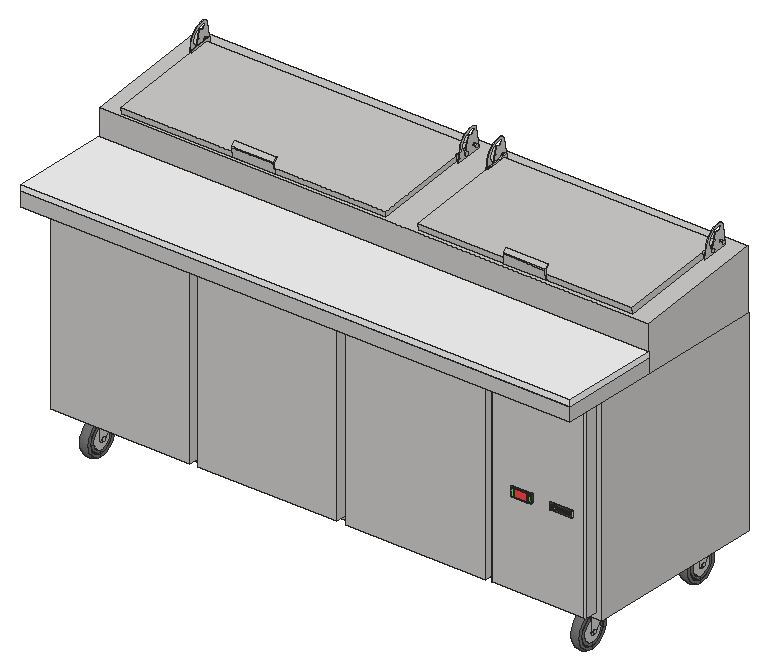
Revit family "QF_MACOM_RPTx-AITP", category Equipamento especial, Revit 2020 (continued)
Dimensions and locks
  aligned and locked: plane 17 to nested 18
  aligned and locked: Revolve 9 sketch curve to Revolve 9 sketch curve  (x2)
  aligned and locked: Revolve 10 sketch curve to Revolve 10 sketch curve
  aligned and locked: plane 1 "Centro (Frontal/Traseira)" to Revolve 9 sketch curve
  aligned and locked: curve 556 to Extrusion 4
  aligned and locked: curve 553 to Extrusion 1
  aligned and locked: plane 3 "Centro (Esquerda/Direita)" to curve 554
  aligned and locked: curve 555 to Extrusion 4
  aligned and locked: curve 557 to nested 18
  aligned and locked: curve 558 to nested 18
  aligned and locked: curve 559 to nested 18
  aligned and locked: curve 560 to nested 18
  aligned and locked: curve 561 to nested 18
  aligned and locked: curve 562 to nested 18
  aligned and locked: curve 563 to nested 18
  aligned and locked: curve 564 to nested 18
  aligned and locked: curve 566 to nested 18
  aligned and locked: curve 569 to nested 18
  aligned and locked: curve 575 to nested 19
  aligned and locked: curve 576 to nested 19
  aligned and locked: curve 577 to nested 19
  aligned and locked: curve 578 to nested 19
  aligned and locked: curve 579 to nested 19
  aligned and locked: curve 580 to nested 19
  aligned and locked: curve 581 to nested 19
  aligned and locked: curve 582 to nested 19
  aligned and locked: curve 588 to nested 19
  aligned and locked: curve 578 to curve 590
  aligned and locked: curve 593 to nested 17
  aligned and locked: curve 594 to nested 17
  aligned and locked: curve 595 to nested 17
  aligned and locked: curve 596 to nested 17
  aligned and locked: nested 17 to curve 600
  aligned and locked: curve 602 to curve 596
  aligned and locked: nested 17 to curve 604
  aligned and locked: curve 606 to curve 596
  aligned and locked: curve 607 to nested 16
  aligned and locked: curve 608 to nested 16
  aligned and locked: curve 609 to nested 16
  aligned and locked: curve 610 to nested 16
  aligned and locked: curve 611 to nested 16
  aligned and locked: curve 612 to nested 16
  aligned and locked: curve 613 to nested 16
  aligned and locked: curve 614 to nested 16
  aligned and locked: nested 16 to curve 616
  aligned and locked: curve 610 to curve 618
  aligned and locked: curve 620 to nested 16
  aligned and locked: curve 610 to curve 622
  aligned and locked: Revolve 10 to curve 624
  aligned and locked: Revolve 9 to curve 630
  aligned and locked: curve 565 to curve 572
  aligned and locked: curve 568 to curve 574
  aligned and locked: curve 648 to curve 560
  aligned and locked: curve 650 to cut or joined group of Extrusion 6, Extrusion 8
  aligned and locked: curve 649 to curve 594
  aligned and locked: curve 651 to Extrusion 3
  aligned and locked: plane 13 to Extrusion 5
  aligned and locked: Extrusion 5 to plane 3 "Centro (Esquerda/Direita)"
Automatic sketch dimensions
  Extrusion 2 sketch curve to Extrusion 1 = 0 mm
  Extrusion 2 sketch curve to Extrusion 2 sketch curve = 5 mm  (x2)
  Extrusion 1 to Extrusion 4 sketch curve = 0 mm
  Extrusion 6 to Extrusion 7 sketch curve = 0 mm  (x2)
  Extrusion 7 sketch curve to Extrusion 7 sketch curve = 0 mm  (x2)
  Extrusion 7 sketch curve to Extrusion 7 sketch curve = 46.92 mm
  Extrusion 7 sketch curve to Extrusion 7 sketch curve = 382.13 mm
  curve 552 to Extrusion 2 = 29 mm
  curve 549 to curve 540 = 0 mm
  curve 537 to curve 528 = 0 mm
  curve 525 to curve 516 = 0 mm
  curve 513 to curve 504 = 0 mm
  curve 9 to Extrusion 2 = 29 mm
  curve 501 to curve 492 = 0 mm
  curve 489 to curve 480 = 0 mm
  curve 477 to curve 468 = 0 mm
  curve 465 to curve 456 = 0 mm
  curve 453 to curve 444 = 0 mm
  curve 21 to curve 11 = 0 mm
  curve 441 to curve 432 = 0 mm
  curve 429 to curve 420 = 0 mm
  curve 417 to curve 408 = 0 mm
  curve 405 to curve 396 = 0 mm
  curve 393 to curve 384 = 0 mm
  curve 33 to curve 23 = 0 mm
  curve 381 to curve 372 = 0 mm
  curve 369 to curve 360 = 0 mm
  curve 357 to curve 348 = 0 mm
  curve 345 to curve 336 = 0 mm
  curve 333 to curve 324 = 0 mm
  curve 45 to curve 35 = 0 mm
  curve 321 to curve 312 = 0 mm
  curve 300 to Extrusion 2 = 29 mm
  curve 297 to curve 288 = 0 mm
  curve 285 to curve 276 = 0 mm
  curve 273 to curve 264 = 0 mm
  curve 57 to curve 47 = 0 mm
  curve 261 to curve 252 = 0 mm
  curve 249 to curve 240 = 0 mm
  curve 237 to curve 228 = 0 mm
  curve 225 to curve 216 = 0 mm
  curve 213 to curve 204 = 0 mm
  curve 69 to curve 59 = 0 mm
  curve 201 to curve 192 = 0 mm
  curve 189 to curve 180 = 0 mm
  curve 177 to curve 168 = 0 mm
  curve 165 to curve 156 = 0 mm
  curve 153 to curve 144 = 0 mm
  curve 81 to curve 71 = 0 mm
  curve 141 to curve 132 = 0 mm
  curve 129 to curve 120 = 0 mm
  curve 117 to curve 108 = 0 mm
  curve 105 to curve 96 = 0 mm
  curve 93 to curve 93 = 80 mm
  curve 551 to curve 551 = 80 mm
  curve 550 to curve 539 = 0 mm
  curve 537 to curve 527 = 0 mm
  curve 526 to curve 515 = 0 mm
  curve 93 to curve 9 = 0 mm
  curve 513 to curve 503 = 0 mm
  curve 105 to curve 94 = 0 mm
  curve 502 to curve 491 = 0 mm
  curve 489 to curve 479 = 0 mm
  curve 478 to curve 467 = 0 mm
  curve 465 to curve 455 = 0 mm
  curve 117 to curve 106 = 0 mm
  curve 21 to curve 10 = 0 mm
  curve 454 to curve 443 = 0 mm
  curve 441 to curve 431 = 0 mm
  curve 430 to curve 419 = 0 mm
  curve 417 to curve 407 = 0 mm
  curve 129 to curve 118 = 0 mm
  curve 406 to curve 395 = 0 mm
  curve 93 to curve 83 = 0 mm
  curve 33 to curve 22 = 0 mm
  curve 393 to curve 383 = 0 mm
  curve 382 to curve 371 = 0 mm
  curve 369 to curve 359 = 0 mm
  curve 141 to curve 130 = 0 mm
  curve 357 to curve 347 = 0 mm
  curve 345 to curve 335 = 0 mm
  curve 45 to curve 34 = 0 mm
  curve 333 to curve 323 = 0 mm
  curve 153 to curve 142 = 0 mm
  curve 321 to curve 311 = 0 mm
  curve 299 to curve 299 = 80 mm
  curve 297 to curve 287 = 0 mm
  curve 285 to curve 275 = 0 mm
  curve 57 to curve 46 = 0 mm
  curve 273 to curve 263 = 0 mm
  curve 165 to curve 154 = 0 mm
  curve 261 to curve 251 = 0 mm
  curve 249 to curve 239 = 0 mm
  curve 237 to curve 227 = 0 mm
  curve 225 to curve 215 = 0 mm
  curve 177 to curve 166 = 0 mm
  curve 69 to curve 58 = 0 mm
  curve 213 to curve 203 = 0 mm
  curve 201 to curve 191 = 0 mm
  curve 370 to curve 368 = 15 mm
  curve 189 to curve 185 = 15 mm
  curve 93 to curve 92 = 15 mm
  curve 550 to curve 548 = 15 mm
  curve 545 to curve 536 = 0 mm
  curve 9 to curve 5 = 15 mm
  curve 533 to curve 524 = 0 mm
  curve 101 to curve 91 = 0 mm
  curve 521 to curve 512 = 0 mm
  curve 197 to curve 187 = 0 mm
  curve 509 to curve 500 = 0 mm
  curve 89 to curve 68 = 0 mm
  curve 497 to curve 488 = 0 mm
  curve 485 to curve 476 = 0 mm
  curve 209 to curve 199 = 0 mm
  curve 17 to curve 7 = 0 mm
  curve 113 to curve 103 = 0 mm
  curve 473 to curve 464 = 0 mm
  curve 185 to curve 176 = 0 mm
  curve 461 to curve 452 = 0 mm
  curve 221 to curve 211 = 0 mm
  curve 449 to curve 440 = 0 mm
  curve 437 to curve 428 = 0 mm
  curve 125 to curve 115 = 0 mm
  curve 425 to curve 416 = 0 mm
  curve 29 to curve 19 = 0 mm
  curve 233 to curve 223 = 0 mm
  curve 413 to curve 404 = 0 mm
  curve 401 to curve 392 = 0 mm
  curve 389 to curve 380 = 0 mm
  curve 137 to curve 127 = 0 mm
  curve 245 to curve 235 = 0 mm
  curve 89 to curve 80 = 0 mm
  curve 365 to curve 356 = 0 mm
  curve 41 to curve 31 = 0 mm
  curve 353 to curve 344 = 0 mm
  curve 341 to curve 332 = 0 mm
  curve 257 to curve 247 = 0 mm  (x2)
  curve 149 to curve 139 = 0 mm  (x2)
  curve 329 to curve 320 = 0 mm
  curve 173 to curve 164 = 0 mm
  curve 65 to curve 56 = 0 mm
  curve 317 to curve 308 = 0 mm
  curve 298 to curve 296 = 15 mm
  curve 269 to curve 259 = 0 mm  (x2)
  curve 293 to curve 284 = 0 mm
  curve 413 to curve 414 = 80 mm
  curve 187 to curve 186 = 80 mm
  curve 185 to curve 91 = 0 mm
  curve 547 to curve 547 = 80 mm
  curve 281 to curve 186 = 0 mm
  curve 89 to curve 54 = 0 mm
  curve 185 to curve 161 = 0 mm
  curve 546 to curve 535 = 0 mm
  curve 53 to curve 5 = 0 mm
  curve 533 to curve 523 = 0 mm
  curve 293 to curve 282 = 0 mm
  curve 281 to curve 271 = 0 mm
  curve 101 to curve 90 = 0 mm
  curve 197 to curve 186 = 0 mm
  curve 522 to curve 511 = 0 mm
  curve 509 to curve 499 = 0 mm
  curve 305 to curve 305 = 80 mm
  curve 498 to curve 487 = 0 mm
  curve 89 to curve 78 = 0 mm
  curve 485 to curve 475 = 0 mm
  curve 209 to curve 198 = 0 mm
  curve 17 to curve 6 = 0 mm
  curve 113 to curve 102 = 0 mm
  curve 317 to curve 306 = 0 mm
  curve 161 to curve 151 = 0 mm
  curve 185 to curve 175 = 0 mm
  curve 474 to curve 463 = 0 mm
  curve 77 to curve 67 = 0 mm
  curve 329 to curve 318 = 0 mm
  curve 461 to curve 451 = 0 mm
  curve 221 to curve 210 = 0 mm
  curve 53 to curve 43 = 0 mm
  curve 450 to curve 439 = 0 mm
  curve 341 to curve 330 = 0 mm
  curve 437 to curve 427 = 0 mm
  curve 125 to curve 114 = 0 mm
  curve 29 to curve 18 = 0 mm
  curve 233 to curve 222 = 0 mm
  curve 353 to curve 342 = 0 mm
  curve 413 to curve 403 = 0 mm
  curve 402 to curve 391 = 0 mm
  curve 389 to curve 379 = 0 mm
  curve 365 to curve 354 = 0 mm
  curve 462 to curve 460 = 15 mm
  curve 5 to curve 1 = 15 mm
  curve 245 to curve 244 = 15 mm
  curve 41 to curve 37 = 15 mm
  curve 282 to curve 279 = 15 mm
  curve 366 to curve 364 = 15 mm
  curve 186 to curve 184 = 15 mm
  curve 373 to curve 363 = 0 mm
  curve 181 to curve 160 = 0 mm
  curve 546 to curve 544 = 15 mm
  curve 157 to curve 136 = 0 mm
  curve 101 to curve 97 = 15 mm
  curve 77 to curve 73 = 15 mm
  curve 385 to curve 376 = 0 mm
  curve 52 to curve 39 = 0 mm
  curve 541 to curve 532 = 0 mm
  curve 73 to curve 63 = 0 mm
  curve 181 to curve 171 = 0 mm
  curve 289 to curve 279 = 0 mm  (x2)
  curve 85 to curve 75 = 0 mm  (x2)
  curve 193 to curve 183 = 0 mm
  curve 397 to curve 387 = 0 mm
  curve 529 to curve 520 = 0 mm
  curve 361 to curve 352 = 0 mm
  curve 241 to curve 232 = 0 mm
  curve 37 to curve 28 = 0 mm
  curve 409 to curve 400 = 0 mm
  curve 305 to curve 301 = 15 mm
  curve 517 to curve 508 = 0 mm
  curve 145 to curve 135 = 0 mm
  curve 421 to curve 411 = 0 mm
  curve 277 to curve 268 = 0 mm
  curve 505 to curve 496 = 0 mm
  curve 253 to curve 243 = 0 mm
  curve 349 to curve 340 = 0 mm
  curve 133 to curve 124 = 0 mm
  curve 13 to curve 3 = 0 mm  (x2)
  curve 109 to curve 99 = 0 mm  (x2)
  curve 205 to curve 195 = 0 mm  (x2)
  curve 433 to curve 424 = 0 mm
  curve 493 to curve 484 = 0 mm
  curve 445 to curve 435 = 0 mm
  curve 313 to curve 303 = 0 mm  (x2)
  curve 481 to curve 472 = 0 mm
  curve 229 to curve 220 = 0 mm
  curve 325 to curve 315 = 0 mm  (x2)
  Extrusion 2 to curve 459 = 29 mm
  Extrusion 2 to curve 327 = 29 mm
  Extrusion 2 to curve 265 = 29 mm
  Extrusion 2 to curve 217 = 29 mm
  curve 265 to curve 255 = 0 mm
  curve 469 to curve 458 = 0 mm
  Extrusion 2 to curve 147 = 29 mm
  curve 457 to curve 447 = 0 mm
  Extrusion 2 to curve 49 = 29 mm
  Extrusion 2 to curve 87 = 29 mm
  curve 217 to curve 207 = 0 mm
  curve 145 to curve 121 = 0 mm
  curve 121 to curve 111 = 0 mm
  curve 49 to curve 15 = 0 mm
  curve 337 to curve 326 = 0 mm
  curve 481 to curve 470 = 0 mm
  curve 446 to curve 435 = 0 mm
  curve 25 to curve 14 = 0 mm
  curve 493 to curve 482 = 0 mm
  curve 61 to curve 50 = 0 mm
  curve 433 to curve 423 = 0 mm
  curve 205 to curve 181 = 0 mm
  curve 229 to curve 218 = 0 mm
  curve 181 to curve 169 = 0 mm
  curve 505 to curve 494 = 0 mm
  curve 349 to curve 338 = 0 mm
  curve 422 to curve 411 = 0 mm
  curve 157 to curve 146 = 0 mm
  curve 517 to curve 506 = 0 mm
  curve 409 to curve 399 = 0 mm
  curve 291 to curve 266 = 0 mm
  curve 49 to curve 39 = 0 mm
  curve 133 to curve 122 = 0 mm
  curve 529 to curve 518 = 0 mm
  curve 361 to curve 350 = 0 mm
  curve 398 to curve 387 = 0 mm
  curve 541 to curve 530 = 0 mm
  curve 241 to curve 230 = 0 mm
  curve 385 to curve 375 = 0 mm
  Extrusion 2 to curve 300 = 47.9 mm
  Extrusion 2 to curve 291 = 47.9 mm
  curve 294 to curve 291 = 0 mm
  curve 294 to curve 294 = 5 mm
  curve 298 to curve 297 = 5 mm
  curve 291 to curve 292 = 5 mm
  curve 297 to curve 288 = 5 mm
  curve 289 to curve 279 = 5 mm
  curve 293 to curve 282 = 5 mm
  curve 282 to curve 282 = 5 mm
  curve 286 to curve 285 = 5 mm
  curve 279 to curve 280 = 5 mm
  curve 281 to curve 271 = 5 mm
  curve 285 to curve 276 = 5 mm
  curve 277 to curve 267 = 5 mm
  curve 271 to curve 272 = 5 mm
  curve 274 to curve 273 = 5 mm
  curve 267 to curve 268 = 5 mm
  curve 269 to curve 259 = 5 mm
  curve 273 to curve 264 = 5 mm
  curve 265 to curve 255 = 5 mm
  curve 259 to curve 260 = 5 mm
  curve 262 to curve 261 = 5 mm
  curve 255 to curve 256 = 5 mm
  curve 257 to curve 247 = 5 mm
  curve 261 to curve 252 = 5 mm
  curve 253 to curve 242 = 5 mm
  curve 243 to curve 244 = 5 mm
  curve 246 to curve 246 = 5 mm
  curve 250 to curve 249 = 5 mm
  curve 249 to curve 238 = 5 mm
  curve 241 to curve 231 = 5 mm
  curve 245 to curve 234 = 5 mm
  curve 235 to curve 236 = 5 mm
  curve 238 to curve 237 = 5 mm
  curve 231 to curve 232 = 5 mm
  curve 233 to curve 223 = 5 mm
  curve 237 to curve 228 = 5 mm
  curve 229 to curve 219 = 5 mm
  curve 218 to curve 217 = 5 mm
  curve 222 to curve 222 = 5 mm
  curve 226 to curve 225 = 5 mm
  curve 221 to curve 211 = 5 mm
  curve 225 to curve 216 = 5 mm
  curve 217 to curve 207 = 5 mm
  curve 207 to curve 205 = 5 mm
  curve 210 to curve 210 = 5 mm
  curve 214 to curve 213 = 5 mm
  curve 205 to curve 194 = 5 mm
  curve 213 to curve 204 = 5 mm
  curve 209 to curve 198 = 5 mm
  curve 199 to curve 200 = 5 mm
  curve 202 to curve 201 = 5 mm
  curve 195 to curve 196 = 5 mm
  curve 197 to curve 187 = 5 mm
  curve 201 to curve 192 = 5 mm
  curve 193 to curve 183 = 5 mm
  curve 183 to curve 181 = 5 mm
  curve 186 to curve 186 = 5 mm
  curve 190 to curve 189 = 5 mm
  curve 181 to curve 170 = 5 mm
  curve 189 to curve 180 = 5 mm
  curve 185 to curve 174 = 5 mm
  curve 175 to curve 176 = 5 mm
  curve 178 to curve 177 = 5 mm
  curve 171 to curve 172 = 5 mm
  curve 173 to curve 163 = 5 mm
  curve 177 to curve 168 = 5 mm
  curve 169 to curve 158 = 5 mm
  curve 159 to curve 160 = 5 mm
  curve 162 to curve 162 = 5 mm
  curve 166 to curve 165 = 5 mm
  curve 161 to curve 151 = 5 mm
  curve 165 to curve 156 = 5 mm
  curve 157 to curve 146 = 5 mm
  curve 150 to curve 149 = 5 mm
  curve 154 to curve 153 = 5 mm
  curve 146 to curve 145 = 5 mm
  curve 145 to curve 136 = 5 mm
  curve 153 to curve 144 = 5 mm
  curve 149 to curve 138 = 5 mm
  curve 139 to curve 140 = 5 mm
  curve 142 to curve 141 = 5 mm
  curve 135 to curve 136 = 5 mm
  curve 137 to curve 127 = 5 mm
  curve 141 to curve 132 = 5 mm
  curve 133 to curve 123 = 5 mm
  curve 127 to curve 128 = 5 mm
  curve 130 to curve 129 = 5 mm
  curve 123 to curve 121 = 5 mm
  curve 121 to curve 112 = 5 mm
  curve 129 to curve 120 = 5 mm
  curve 125 to curve 114 = 5 mm
  curve 115 to curve 116 = 5 mm
  curve 118 to curve 117 = 5 mm
  curve 111 to curve 109 = 5 mm
  curve 109 to curve 98 = 5 mm
  curve 117 to curve 108 = 5 mm
  curve 113 to curve 102 = 5 mm
  curve 103 to curve 104 = 5 mm
  curve 106 to curve 105 = 5 mm
  curve 99 to curve 100 = 5 mm
  curve 97 to curve 88 = 5 mm
  curve 105 to curve 96 = 5 mm
  curve 101 to curve 90 = 5 mm
  curve 92 to curve 92 = 5 mm
  curve 94 to curve 93 = 5 mm
  curve 88 to curve 85 = 5 mm
  curve 85 to curve 75 = 5 mm
  curve 93 to curve 84 = 5 mm
  curve 89 to curve 78 = 5 mm
  curve 79 to curve 80 = 5 mm
  curve 82 to curve 81 = 5 mm
  curve 74 to curve 73 = 5 mm
  curve 77 to curve 67 = 5 mm
  curve 81 to curve 72 = 5 mm
  curve 73 to curve 63 = 5 mm
  curve 63 to curve 61 = 5 mm
  curve 66 to curve 66 = 5 mm
  curve 70 to curve 69 = 5 mm
  curve 65 to curve 55 = 5 mm
  curve 69 to curve 60 = 5 mm
  curve 61 to curve 51 = 5 mm
  curve 51 to curve 49 = 5 mm
  curve 54 to curve 54 = 5 mm
  curve 58 to curve 57 = 5 mm
  curve 53 to curve 43 = 5 mm
  curve 57 to curve 48 = 5 mm
  curve 49 to curve 39 = 5 mm
  curve 38 to curve 37 = 5 mm
  curve 42 to curve 42 = 5 mm
  curve 46 to curve 45 = 5 mm
  curve 37 to curve 26 = 5 mm
  curve 45 to curve 36 = 5 mm
  curve 41 to curve 30 = 5 mm
  curve 31 to curve 32 = 5 mm
  curve 34 to curve 33 = 5 mm
  curve 27 to curve 28 = 5 mm
  curve 33 to curve 24 = 5 mm
  curve 25 to curve 15 = 5 mm
  curve 29 to curve 18 = 5 mm
  curve 18 to curve 18 = 5 mm
  curve 22 to curve 21 = 5 mm
  curve 15 to curve 16 = 5 mm
  curve 21 to curve 12 = 5 mm
  curve 13 to curve 2 = 5 mm
  curve 17 to curve 8 = 5 mm
  curve 6 to curve 6 = 5 mm
  curve 10 to curve 9 = 5 mm
  curve 3 to curve 4 = 5 mm
  curve 9 to curve 552 = 120 mm
  curve 543 to curve 550 = 0 mm
  curve 546 to curve 543 = 0 mm
  curve 546 to curve 546 = 5 mm
  curve 550 to curve 549 = 5 mm
  curve 543 to curve 544 = 5 mm
  curve 549 to curve 540 = 5 mm
  curve 542 to curve 530 = 5 mm
  curve 545 to curve 536 = 5 mm
  curve 534 to curve 534 = 5 mm
  curve 538 to curve 537 = 5 mm
  curve 532 to curve 532 = 5 mm
  curve 537 to curve 528 = 5 mm
  curve 529 to curve 519 = 5 mm
  curve 533 to curve 522 = 5 mm
  curve 522 to curve 522 = 5 mm
  curve 526 to curve 525 = 5 mm
  curve 519 to curve 520 = 5 mm
  curve 525 to curve 516 = 5 mm
  curve 517 to curve 507 = 5 mm
  curve 522 to curve 510 = 5 mm
  curve 510 to curve 510 = 5 mm
  curve 514 to curve 513 = 5 mm
  curve 508 to curve 508 = 5 mm
  curve 513 to curve 504 = 5 mm
  curve 505 to curve 494 = 5 mm
  curve 509 to curve 500 = 5 mm
  curve 498 to curve 498 = 5 mm
  curve 502 to curve 501 = 5 mm
  curve 495 to curve 496 = 5 mm
  curve 501 to curve 492 = 5 mm
  curve 494 to curve 482 = 5 mm
  curve 497 to curve 488 = 5 mm
  curve 486 to curve 486 = 5 mm
  curve 490 to curve 489 = 5 mm
  curve 484 to curve 484 = 5 mm
  curve 489 to curve 480 = 5 mm
  curve 481 to curve 471 = 5 mm
  curve 485 to curve 474 = 5 mm
  curve 474 to curve 474 = 5 mm
  curve 478 to curve 477 = 5 mm
  curve 471 to curve 472 = 5 mm
  curve 477 to curve 468 = 5 mm
  curve 470 to curve 458 = 5 mm
  curve 473 to curve 464 = 5 mm
  curve 462 to curve 462 = 5 mm
  curve 466 to curve 465 = 5 mm
  curve 460 to curve 460 = 5 mm
  curve 465 to curve 456 = 5 mm
  curve 457 to curve 446 = 5 mm
  curve 461 to curve 452 = 5 mm
  curve 450 to curve 450 = 5 mm
  curve 454 to curve 453 = 5 mm
  curve 447 to curve 448 = 5 mm
  curve 453 to curve 444 = 5 mm
  curve 445 to curve 435 = 5 mm
  curve 450 to curve 438 = 5 mm
  curve 438 to curve 438 = 5 mm
  curve 442 to curve 441 = 5 mm
  curve 436 to curve 436 = 5 mm
  curve 441 to curve 432 = 5 mm
  curve 433 to curve 422 = 5 mm
  curve 437 to curve 428 = 5 mm
  curve 426 to curve 426 = 5 mm
  curve 430 to curve 429 = 5 mm
  curve 423 to curve 424 = 5 mm
  curve 429 to curve 420 = 5 mm
  curve 421 to curve 411 = 5 mm
  curve 426 to curve 414 = 5 mm
  curve 414 to curve 414 = 5 mm
  curve 418 to curve 417 = 5 mm
  curve 412 to curve 412 = 5 mm
  curve 417 to curve 408 = 5 mm
  curve 409 to curve 398 = 5 mm
  curve 413 to curve 404 = 5 mm
  curve 402 to curve 402 = 5 mm
  curve 406 to curve 405 = 5 mm
  curve 399 to curve 400 = 5 mm
  curve 405 to curve 396 = 5 mm
  curve 398 to curve 386 = 5 mm
  curve 401 to curve 392 = 5 mm
  curve 390 to curve 390 = 5 mm
  curve 394 to curve 393 = 5 mm
  curve 388 to curve 388 = 5 mm
  curve 393 to curve 384 = 5 mm
  curve 385 to curve 375 = 5 mm
  curve 389 to curve 378 = 5 mm
  curve 378 to curve 378 = 5 mm
  curve 382 to curve 381 = 5 mm
  curve 375 to curve 376 = 5 mm
  curve 381 to curve 372 = 5 mm
  curve 374 to curve 362 = 5 mm
  curve 377 to curve 368 = 5 mm
  curve 366 to curve 366 = 5 mm
  curve 370 to curve 369 = 5 mm
  curve 363 to curve 364 = 5 mm
  curve 369 to curve 360 = 5 mm
  curve 361 to curve 351 = 5 mm
  curve 365 to curve 354 = 5 mm
  curve 354 to curve 354 = 5 mm
  curve 358 to curve 357 = 5 mm
  curve 351 to curve 352 = 5 mm
  curve 357 to curve 348 = 5 mm
  curve 349 to curve 338 = 5 mm
  curve 353 to curve 344 = 5 mm
  curve 342 to curve 342 = 5 mm
  curve 346 to curve 345 = 5 mm
  curve 339 to curve 340 = 5 mm
  curve 345 to curve 336 = 5 mm
  curve 337 to curve 327 = 5 mm
  curve 341 to curve 330 = 5 mm
  curve 330 to curve 330 = 5 mm
  curve 334 to curve 333 = 5 mm
  curve 327 to curve 328 = 5 mm
  curve 333 to curve 324 = 5 mm
  curve 325 to curve 315 = 5 mm
  curve 329 to curve 318 = 5 mm
  curve 318 to curve 318 = 5 mm
  curve 322 to curve 321 = 5 mm
  curve 315 to curve 316 = 5 mm
  curve 321 to curve 312 = 5 mm
  curve 313 to curve 302 = 5 mm
  curve 317 to curve 308 = 5 mm
  curve 306 to curve 306 = 5 mm
  curve 310 to curve 309 = 5 mm
  curve 303 to curve 304 = 5 mm
  Extrusion 1 sketch curve to plane 5 = 0 mm
  Extrusion 6 sketch curve to plane 17 = 129.126 mm
  Extrusion 6 sketch curve to Extrusion 6 sketch curve = 19.243 mm
  Extrusion 6 sketch curve to plane 8 = 50.06 mm
  Extrusion 4 sketch curve to Extrusion 1 = 213 mm
  Extrusion 5 sketch curve to Extrusion 4 = 0 mm
  Extrusion 8 sketch curve to Extrusion 5 = 0 mm
  Extrusion 3 sketch curve to Extrusion 1 = 0 mm  (x2)
  Extrusion 1 to Extrusion 3 sketch curve = 160.406 mm
  Extrusion 1 to Extrusion 3 sketch curve = 214.922 mm
  plane 1 "Centro (Frontal/Traseira)" to Revolve 10 sketch curve = 0 mm  (x2)
  Revolve 10 sketch curve to Revolve 10 sketch curve = 8 mm
  Revolve 10 sketch curve to Revolve 10 sketch curve = 9.037 mm
  plane 1 "Centro (Frontal/Traseira)" to Revolve 10 sketch curve = 37.5 mm
  Revolve 10 sketch curve to Revolve 10 sketch curve = 1.5 mm
  Revolve 10 sketch curve to Revolve 10 sketch curve = 0 mm
  plane 1 "Centro (Frontal/Traseira)" to Revolve 9 sketch curve = 0 mm
  Revolve 9 sketch curve to Revolve 9 sketch curve = 8 mm
  plane 19 to Revolve 9 sketch curve = 2.363 mm
  plane 1 "Centro (Frontal/Traseira)" to Revolve 9 sketch curve = 37.5 mm
  Revolve 9 sketch curve to Revolve 9 sketch curve = 1.5 mm
  plane 1 "Centro (Frontal/Traseira)" to curve 633 = 0 mm
  plane 1 "Centro (Frontal/Traseira)" to curve 626 = 0 mm
  plane 19 to curve 633 = 2.363 mm
  curve 572 to curve 561 = 3 mm
  curve 562 to curve 573 = 3 mm
  curve 634 to plane 15 = 1.663 mm
  curve 579 to curve 579 = 3 mm
  curve 580 to curve 581 = 3 mm
  curve 582 to curve 584 = 4.902 mm
  curve 640 to curve 593 = 7.117 mm
  curve 592 to curve 595 = 7.117 mm
  curve 591 to curve 591 = 3 mm
  curve 592 to curve 641 = 3 mm
  curve 586 to plane 14 = 39.1 mm
  plane 25 to curve 626 = 1.963 mm
  curve 611 to curve 611 = 3 mm
  curve 612 to curve 635 = 3 mm
  curve 628 to plane 13 = 32.963 mm
  curve 595 to curve 592 = 0.101 mm
  curve 621 to plane 8 = 6.076 mm
  curve 603 to plane 8 = 6.097 mm
  curve 589 to plane 8 = 6.107 mm
  curve 570 to plane 8 = 6.124 mm
  curve 603 to curve 604 = 10 mm
  curve 569 to curve 568 = 9.972 mm
  curve 588 to curve 587 = 9.989 mm
  curve 621 to curve 622 = 10.02 mm
  curve 650 to curve 607 = 15.657 mm
  curve 599 to curve 593 = 11.589 mm
  curve 584 to curve 575 = 11.589 mm
  curve 647 to curve 617 = 4.071 mm
  curve 647 to curve 567 = 4.086 mm
  curve 599 to curve 600 = 7.868 mm
  curve 584 to curve 583 = 7.963 mm
  curve 616 to curve 615 = 7.961 mm
  curve 566 to curve 565 = 7.945 mm
  curve 593 to curve 640 = 5.145 mm
  curve 631 to curve 629 = 9.037 mm
  curve 630 to curve 631 = 9.037 mm
  curve 566 to curve 574 = 4.884 mm
  curve 574 to curve 571 = 3 mm
  curve 604 to curve 642 = 4.884 mm
  curve 642 to curve 639 = 3 mm
  curve 585 to curve 644 = 4.1 mm
  curve 644 to curve 645 = 3 mm
  curve 619 to curve 636 = 4.1 mm
  curve 636 to curve 637 = 3 mm
  curve 625 to curve 623 = 9.037 mm
  curve 624 to curve 625 = 9.037 mm
  curve 651 to curve 649 = 9.568 mm
  curve 560 to curve 647 = 2.362 mm
  radius of Extrusion 11 sketch curve = 9.525 mm
Nested families
  nested 1: "RODIZIORPT" at (104, -139, 37.145), type "RODIZIO"
  nested 2: "RODIZIORPT" at (104, -626, 37.145), type "RODIZIO"
  nested 3: "RODIZIORPT" at (1864, -139, 37.145), type "RODIZIO"
  nested 4: "RODIZIORPT" at (1864, -626, 37.145), type "RODIZIO"
  nested 5: "LOGOTIPO MACOM" at (1861.5, -741, 482.038), visible <- "Show Logo", type "LOGOTIPO MACON", detail levels medium+fine
  nested 6: "CONTROLADOR_CAB" at (1721.5, -741, 495), type "CONTROLADOR_CAB", detail levels medium+fine
  nested 7: "RODIZIORPT" at (1057.6, -139, 37.145), visible <- "Door 4", type "RODIZIO"
  nested 8: "RODIZIORPT" at (1057.6, -626, 37.145), visible <- "Door 4", type "RODIZIO"
  nested 9: "Porta Refrigerador Prep Table" at (30.6, -696, 175.1), Show Clearances <- "Show Clearances", type "Porta Refrigerador Prep Table"
    with Weight 0.00 kg, Show Logo yes, Show Clearances Right no, Show Clearances Left yes, Show Clearances yes, SMACNA No "", Right no, Revision Code "", Point Load 0, NAFEM Spec ID Number "", Masterspec "", Length Actual 0 mm, Left yes, Item Number "", Identify Quantity as Lot yes, Height Actual 0 mm, Foodservice Equipment Identifier yes, Depth Actual 0 mm, CSI MasterFormat "", CE Approved yes, Accessory yes
  nested 10: "Porta Refrigerador Prep Table" at (558.6, -696, 175.1), visible <- "Door 4", Show Clearances <- "Show Clearances", type "Porta Refrigerador Prep Table"
    with Weight 0.00 kg, Show Logo yes, Show Clearances Right yes, Show Clearances Left no, Show Clearances yes, SMACNA No "", Right yes, Revision Code "", Point Load 0, NAFEM Spec ID Number "", Masterspec "", Length Actual 0 mm, Left no, Item Number "", Identify Quantity as Lot yes, Height Actual 0 mm, Foodservice Equipment Identifier yes, Depth Actual 0 mm, CSI MasterFormat "", CE Approved yes, Accessory yes
  nested 11: "Porta Refrigerador Prep Table" at (557, -696, 175.1), visible <- "Door 3", Show Clearances <- "Show Clearances", type "Porta Refrigerador Prep Table"
    with Weight 0.00 kg, Show Logo yes, Show Clearances Right no, Show Clearances Left yes, Show Clearances yes, SMACNA No "", Right no, Revision Code "", Point Load 0, NAFEM Spec ID Number "", Masterspec "", Length Actual 0 mm, Left yes, Item Number "", Identify Quantity as Lot yes, Height Actual 0 mm, Foodservice Equipment Identifier yes, Depth Actual 0 mm, CSI MasterFormat "", CE Approved yes, Accessory yes
  nested 12: "Porta Refrigerador Prep Table" at (1089.5, -696, 175.1), Show Clearances <- "Show Clearances", type "Porta Refrigerador Prep Table"
    with Weight 0.00 kg, Show Logo yes, Show Clearances Right yes, Show Clearances Left no, Show Clearances yes, SMACNA No "", Right yes, Revision Code "", Point Load 0, NAFEM Spec ID Number "", Masterspec "", Length Actual 0 mm, Left no, Item Number "", Identify Quantity as Lot yes, Height Actual 0 mm, Foodservice Equipment Identifier yes, Depth Actual 0 mm, CSI MasterFormat "", CE Approved yes, Accessory yes
  nested 13: "Pegador Refrigerador" at (542.85, -472.31, 1018.718) x (1, 0, 0) z (0, -0.1219, 0.9925), visible <- "Door 3", type "Pegador Refrigerador"
    with Weight 0.00 kg, Show Logo yes, Show Clearances yes, SMACNA No "", Revision Code "", Point Load 0, NAFEM Spec ID Number "", Masterspec "", Length Actual 0 mm, Item Number "", Identify Quantity as Lot yes, Height Actual 0 mm, Foodservice Equipment Identifier yes, Depth Actual 0 mm, CSI MasterFormat "", CE Approved yes, Accessory yes
  nested 14: "Pegador Refrigerador" at (985, -472.31, 1018.718) x (1, 0, 0) z (0, -0.1219, 0.9925), visible <- "Handle Center", type "Pegador Refrigerador"
    with Weight 0.00 kg, Show Logo yes, Show Clearances yes, SMACNA No "", Revision Code "", Point Load 0, NAFEM Spec ID Number "", Masterspec "", Length Actual 0 mm, Item Number "", Identify Quantity as Lot yes, Height Actual 0 mm, Foodservice Equipment Identifier yes, Depth Actual 0 mm, CSI MasterFormat "", CE Approved yes, Accessory yes
  nested 15: "Pegador Refrigerador" at (1517, -472.303, 1018.659) x (1, 0, 0) z (0, -0.1219, 0.9925), visible <- "Door 3", type "Pegador Refrigerador"
    with Weight 0.00 kg, Show Logo yes, Show Clearances yes, SMACNA No "", Revision Code "", Point Load 0, NAFEM Spec ID Number "", Masterspec "", Length Actual 0 mm, Item Number "", Identify Quantity as Lot yes, Height Actual 0 mm, Foodservice Equipment Identifier yes, Depth Actual 0 mm, CSI MasterFormat "", CE Approved yes, Accessory yes
  nested 16: "Dobradica Refrigerador Dir" at (1903.5, 37.646, 167.521) x (1, 0, 0) z (0, -0.1219, 0.9925), type "Dobradica Refrigerador Dir"
    with Weight 0.00 kg, Show Logo yes, Show Clearances yes, SMACNA No "", Revision Code "", Point Load 0, NAFEM Spec ID Number "", Masterspec "", Length Actual 0 mm, Item Number "", Identify Quantity as Lot yes, Height Actual 0 mm, Foodservice Equipment Identifier yes, Depth Actual 0 mm, CSI MasterFormat "", CE Approved yes, Accessory yes
  nested 17: "Dobradica Refrigerador Esq" at (1133, 37.646, 167.521) x (1, 0, 0) z (0, -0.1219, 0.9925), visible <- "Door 3", type "Dobradica Refrigerador Esq"
    with Weight 0.00 kg, Show Logo yes, Show Clearances yes, SMACNA No "", Revision Code "", Point Load 0, NAFEM Spec ID Number "", Masterspec "", Length Actual 0 mm, Item Number "", Identify Quantity as Lot yes, Height Actual 0 mm, Foodservice Equipment Identifier yes, Depth Actual 0 mm, CSI MasterFormat "", CE Approved yes, Accessory yes
  nested 18: "Dobradica Refrigerador Esq" at (68.7, 37.646, 167.521) x (1, 0, 0) z (0, -0.1219, 0.9925), type "Dobradica Refrigerador Esq"
    with Weight 0.00 kg, Show Logo yes, Show Clearances yes, SMACNA No "", Revision Code "", Point Load 0, NAFEM Spec ID Number "", Masterspec "", Length Actual 0 mm, Item Number "", Identify Quantity as Lot yes, Height Actual 0 mm, Foodservice Equipment Identifier yes, Depth Actual 0 mm, CSI MasterFormat "", CE Approved yes, Accessory yes
  nested 19: "Dobradica Refrigerador Dir" at (1019.5, 37.646, 167.521) x (1, 0, 0) z (0, -0.1219, 0.9925), visible <- "Door 3", type "Dobradica Refrigerador Dir"
    with Weight 0.00 kg, Show Logo yes, Show Clearances yes, SMACNA No "", Revision Code "", Point Load 0, NAFEM Spec ID Number "", Masterspec "", Length Actual 0 mm, Item Number "", Identify Quantity as Lot yes, Height Actual 0 mm, Foodservice Equipment Identifier yes, Depth Actual 0 mm, CSI MasterFormat "", CE Approved yes, Accessory yes
Connectors
  electrical at (1642, -32.65, 460), driven by "Volts"
    settings: on Extrusion 11, index 1, voltage 220 V, apparent load 0 VA, apparent load phase1 0 VA, apparent load phase2 0 VA, apparent load phase3 0 VA, power factor 1, load classification "Outro", number of poles 1, system type 30, power factor state 1, is connector primary yes, connector utility no, sub classification motor no, connector description ""
Definition of nested family "RODIZIORPT"
  Parameters (values of type "RODIZIO")
    Default Elevation = 0 mm
  Types (2): name
    RODIZIO
    PÉ DE APOIO 150
  Reference planes
    plane 1 "Center (Front/Back)": y = 0
    plane 2: z = 0
    plane 3: x = 19.5
    plane 4: x = 1
    plane 5: x = 21
    plane 6: z = -37.145
    plane 7: z = 119.855
    plane 8: z = 59.855
    plane 9: z = 87.855
  Forms (mm)
    Revolve 1, solid
      sketch origin (0, 0, 0) x (1, 0, 0) y (0, 0, 1)
        loop
          line (16.5, 25.355) -> (16.5, 70.289) -> (15.5, 70.289) -> (15.5, 75.289) -> (16.5, 75.289) -> (16.5, 84.092)
          arc (16.5, 84.092) -> (0.897, 87.855) -> (-14.5, 83.325) r 31.054
          line (-14.5, 83.325) -> (-14.5, 75.289) -> (-13.5, 75.289) -> (-13.5, 70.289) -> (-14.5, 70.289) -> (-14.5, 25.355) -> (16.5, 25.355)
        axis (-14.5, 25.355) -> (16.5, 25.355)
      angle from 0 to 360
    Extrusion 2, solid
      sketch origin (0, 0, 25.355) x (0, 1, 0) y (0, 0, 1)
        loop
          circle (0, 0) r 10
      from 16.5 to 19.5
    Extrusion 3, solid
      sketch origin (2, 0, 25.355) x (0, 1, 0) y (0, 0, -1)
        loop
          circle (0, 0) r 10
      from 16.5 to 19.5
    Extrusion 4, solid
      sketch origin (0, 0, 51.455) x (0, 1, 0) y (0, 0, 1)
        loop
          arc (-10, -29.178) -> (-1.862, -36.717) -> (8.419, -32.55) r 10.341
          line (8.419, -32.55) -> (65, 46.773) -> (-10, 46.773) -> (-10, -29.178)
      from 19.5 to 21
    Extrusion 5, solid
      sketch origin (2, 0, 51.455) x (0, 1, 0) y (0, 0, -1)
        loop
          line (-10, 29.178) -> (-10, -46.773) -> (65, -46.773) -> (8.419, 32.55)
          arc (8.419, 32.55) -> (-1.862, 36.717) -> (-10, 29.178) r 10.341
      from 19.5 to 21
    Extrusion 6, solid
      sketch origin (0, -28, 50) x (1, 0, 0) y (0, 1, 0)
        loop
          circle (1, 46.186) r 75
      from 59.855 to 69.855
    Extrusion 7, solid
      sketch origin (0.148, 0, 25.355) x (0, 1, 0) y (0, 0, 1)
        loop
          line (-3, -5.196) -> (3, -5.196) -> (6, 0) -> (3, 5.196) -> (-3, 5.196) -> (-6, 0) -> (-3, -5.196)
      from 20.852 to 25.852
    Extrusion 8, solid
      sketch origin (1.852, 0, 25.355) x (0, 1, 0) y (0, 0, -1)
        loop
          line (-3, 5.196) -> (-6, 0) -> (-3, -5.196) -> (3, -5.196) -> (6, 0) -> (3, 5.196) -> (-3, 5.196)
      from 20.852 to 25.852
    Extrusion 9, solid
      sketch origin (0, 0, 50) x (1, 0, 0) y (0, 1, 0)
        loop
          circle (1, 18.186) r 55
      from 48.227 to 59.855
    Extrusion 10, solid
      sketch origin (0, 0, 25.355) x (0, 1, 0) y (0, 0, 1)
        loop
          circle (0, 0) r 35
      from 16.5 to 17.626
    Extrusion 11, solid
      sketch origin (2, 0, 25.355) x (0, 1, 0) y (0, 0, -1)
        loop
          circle (0, 0) r 35
      from 16.5 to 17.626
  Cuts and joins
    joined: Extrusion 2, Extrusion 3, Extrusion 4, Extrusion 5, Extrusion 6, Extrusion 7, Extrusion 8, Extrusion 9, Extrusion 10, Extrusion 11
  Dimensions and locks
    plane 7 to plane 6 = 157 mm
    Revolve 1 sketch curve to plane 6 = 62.5 mm
    plane 9 to plane 6 = 125 mm
    aligned and locked: level to plane 2
    aligned and locked: Revolve 1 sketch curve to Revolve 1 sketch curve
    aligned and locked: plane 7 to Extrusion 6
Definition of nested family "LOGOTIPO MACOM"
  Parameters (values of type "LOGOTIPO MACOM")
    Default Elevation = 0 mm
  Reference planes
    plane 1 "Centro (Frente/Trás)": y = 0
    plane 2: z = 0
    plane 3 "Centro (Esquerda/Direita)": x = 0
    plane 4: z = 9.186
    plane 5: z = 16.297
    plane 6: z = 12.742
    plane 7: x = -24.005
  Forms (mm)
    Extrusion 1, solid
      sketch origin (0, 4.488, 0.011) x (1, 0, 0) y (0, 0.000061, 1)
        loop
          arc (-37.5, 25.9) -> (-39.268, 25.168) -> (-40, 23.4) r 2.5
          line (-40, 23.4) -> (-40, 2.5)
          arc (-40, 2.5) -> (-39.268, 0.732) -> (-37.5, 0) r 2.5
          line (-37.5, 0) -> (37.5, 0)
          arc (37.5, 0) -> (39.268, 0.732) -> (40, 2.5) r 2.5
          line (40, 2.5) -> (40, 23.4)
          arc (40, 23.4) -> (39.268, 25.168) -> (37.5, 25.9) r 2.5
          line (37.5, 25.9) -> (-37.5, 25.9)
      from 5.474 to 4.489
    Extrusion 2, solid
      sketch origin (0, 4.488, 0.011) x (1, 0, 0) y (0, 0.000061, 1)
        loop
          arc (-39, 3.5) -> (-38.268, 1.732) -> (-36.5, 1) r 2.5
          line (-36.5, 1) -> (36.5, 1)
          arc (36.5, 1) -> (38.268, 1.732) -> (39, 3.5) r 2.5
          line (39, 3.5) -> (39, 22.668)
          arc (39, 22.668) -> (38.268, 24.436) -> (36.5, 25.168) r 2.5
          line (36.5, 25.168) -> (-36.5, 25.168)
          arc (-36.5, 25.168) -> (-38.268, 24.436) -> (-39, 22.668) r 2.5
          line (-39, 22.668) -> (-39, 3.5)
      from 5.474 to 6.289
    Extrusion 3, solid
      sketch origin (24.652, 4.488, 0.011) x (-1, 0, 0) y (0, -0.000061, -1)
        loop
          line (32.653, -17.092) -> (32.653, -8.35) -> (30.809, -8.35) -> (30.809, -14.038)
          arc (30.809, -14.038) -> (30.194, -14.653) -> (29.579, -14.038) r 0.615
          line (29.579, -14.038) -> (29.579, -8.35) -> (27.735, -8.35) -> (27.735, -14.038)
          arc (27.735, -14.038) -> (27.12, -14.653) -> (26.506, -14.038) r 0.615
          line (26.506, -14.038) -> (26.506, -8.35) -> (24.661, -8.35) -> (24.661, -15.193)
          arc (24.661, -15.193) -> (25.218, -16.536) -> (26.561, -17.092) r 1.899
          line (26.561, -17.092) -> (32.653, -17.092)
        loop
          line (23.432, -8.347) -> (21.476, -8.347) -> (21.476, -10.838) -> (19.632, -10.838) -> (19.632, -8.347) -> (17.9, -8.347) -> (17.9, -15.248)
          arc (17.9, -15.248) -> (18.44, -16.552) -> (19.744, -17.092) r 1.844
          line (19.744, -17.092) -> (23.432, -17.092) -> (23.432, -8.347)
        loop
          line (19.744, -12.773) -> (19.744, -14.314)
          arc (19.744, -14.314) -> (19.926, -14.753) -> (20.365, -14.935) r 0.621
          line (20.365, -14.935) -> (21.588, -14.935) -> (21.588, -12.773) -> (19.744, -12.773)
        loop
          line (-1.629, -17.092) -> (-1.629, -8.35) -> (-3.474, -8.35) -> (-3.474, -14.038)
          arc (-3.474, -14.038) -> (-4.088, -14.653) -> (-4.703, -14.038) r 0.615
          line (-4.703, -14.038) -> (-4.703, -8.35) -> (-6.547, -8.35) -> (-6.547, -14.038)
          arc (-6.547, -14.038) -> (-7.162, -14.653) -> (-7.777, -14.038) r 0.615
          line (-7.777, -14.038) -> (-7.777, -8.35) -> (-9.621, -8.35) -> (-9.621, -15.193)
          arc (-9.621, -15.193) -> (-9.064, -16.536) -> (-7.721, -17.092) r 1.899
          line (-7.721, -17.092) -> (-1.629, -17.092)
        loop
          line (9.587, -17.092) -> (12.299, -17.092)
          arc (12.299, -17.092) -> (16.67, -12.721) -> (12.299, -8.35) r 4.371
          line (12.299, -8.35) -> (9.754, -8.35) -> (9.754, -10.194) -> (12.276, -10.194)
          arc (12.276, -10.194) -> (14.804, -12.721) -> (12.276, -15.248) r 2.527
          line (12.276, -15.248) -> (9.587, -15.248) -> (9.587, -17.092)
        loop
          line (56.832, -8.05) -> (55.056, -18.123)
          spline (55.056, -18.123) -> (56.262, -17.518) -> (57.317, -16.815) -> (58.199, -16.029) -> (58.892, -15.175) -> (59.381, -14.269) -> (59.658, -13.331) -> (59.715, -12.378) -> (59.552, -11.43) -> (59.173, -10.505) -> (58.585, -9.622) -> (57.799, -8.798) -> (56.832, -8.05)
        loop
          spline (53.362, -6.487) -> (53.217, -6.446) -> (53.071, -6.406) -> (52.923, -6.368) -> (52.775, -6.331) -> (52.626, -6.295) -> (52.476, -6.26) -> (52.326, -6.227) -> (52.174, -6.195) -> (52.022, -6.165) -> (51.869, -6.136) -> (51.715, -6.108) -> (51.561, -6.082)
          line (51.561, -6.082) -> (49.643, -16.962)
          arc (49.643, -16.962) -> (50.579, -17.898) -> (51.515, -16.962) r 0.936
          line (51.515, -16.962) -> (53.362, -6.487)
        loop
          spline (48.156, -5.852) -> (48, -5.857) -> (47.843, -5.863) -> (47.687, -5.871) -> (47.531, -5.88) -> (47.375, -5.89) -> (47.22, -5.902) -> (47.065, -5.915) -> (46.91, -5.929) -> (46.755, -5.945) -> (46.601, -5.962) -> (46.447, -5.981) -> (46.294, -6.001)
          line (46.294, -6.001) -> (44.358, -16.978)
          arc (44.358, -16.978) -> (45.276, -17.896) -> (46.195, -16.978) r 0.918
          line (46.195, -16.978) -> (48.156, -5.852)
        loop
          spline (42.364, -7.044) -> (41.131, -7.649) -> (40.051, -8.356) -> (39.147, -9.149) -> (38.437, -10.014) -> (37.937, -10.931) -> (37.655, -11.882) -> (37.599, -12.848) -> (37.768, -13.809) -> (38.16, -14.746) -> (38.767, -15.639) -> (39.575, -16.47) -> (40.57, -17.222)
          line (40.57, -17.222) -> (42.364, -7.044)
        loop
          spline (61.565, -12.773) -> (61.125, -10.691) -> (59.836, -8.75) -> (57.784, -7.084) -> (55.111, -5.806) -> (51.997, -5.002) -> (48.656, -4.728) -> (45.315, -5.002) -> (42.202, -5.806) -> (39.528, -7.084) -> (37.477, -8.75) -> (36.187, -10.691) -> (35.747, -12.773)
          spline (35.747, -12.773) -> (36.187, -14.855) -> (37.477, -16.795) -> (39.528, -18.461) -> (42.202, -19.74) -> (45.315, -20.544) -> (48.656, -20.818) -> (51.997, -20.544) -> (55.111, -19.74) -> (57.784, -18.461) -> (59.836, -16.795) -> (61.125, -14.855) -> (61.565, -12.773)
        loop
          circle (3.963, -12.726) r 4.377
        loop
          circle (3.963, -12.726) r 2.582
      from 6.289 to 6.977
  Dimensions and locks
    equal spacing: plane 5, plane 6, plane 4
    aligned and locked: level to plane 2
Definition of nested family "CONTROLADOR_CAB"
  Parameters (values of type "CONTROLADOR_CAB")
    Default Elevation = 0 mm
  Reference planes
    plane 1 "Center (Front/Back)": y = 0
    plane 2: z = 0
    plane 3 "Center (Left/Right)": x = 0
  Forms (mm)
    Extrusion 1, solid
      sketch origin (0, 0, 0) x (1, 0, 0) y (0, 0, 1)
        loop
          line (37.5, -12.5) -> (37.5, 12.5)
          arc (37.5, 12.5) -> (36.328, 15.328) -> (33.5, 16.5) r 4
          line (33.5, 16.5) -> (-33.5, 16.5)
          arc (-33.5, 16.5) -> (-36.328, 15.328) -> (-37.5, 12.5) r 4
          line (-37.5, 12.5) -> (-37.5, -12.5)
          arc (-37.5, -12.5) -> (-36.328, -15.328) -> (-33.5, -16.5) r 4
          line (-33.5, -16.5) -> (33.5, -16.5)
          arc (33.5, -16.5) -> (36.328, -15.328) -> (37.5, -12.5) r 4
      from 0 to 5
    Extrusion 2, solid
      sketch origin (0, 0, 0) x (1, 0, 0) y (0, 0, 1)
        loop
          line (24, -13.5) -> (24, 13.5)
          arc (24, 13.5) -> (23.121, 15.621) -> (21, 16.5) r 3
          line (21, 16.5) -> (-21, 16.5)
          arc (-21, 16.5) -> (-23.121, 15.621) -> (-24, 13.5) r 3
          line (-24, 13.5) -> (-24, -13.5)
          arc (-24, -13.5) -> (-23.121, -15.621) -> (-21, -16.5) r 3
          line (-21, -16.5) -> (21, -16.5)
          arc (21, -16.5) -> (23.121, -15.621) -> (24, -13.5) r 3
      from 5 to 5.937
    Extrusion 3, solid
      sketch origin (0, 0, 0) x (1, 0, 0) y (0, 0, 1)
        loop
          line (-23, 13) -> (-23, -13) -> (23, -13) -> (23, 13) -> (-23, 13)
      from 5.937 to 6.875
    Extrusion 4, solid
      sketch origin (0, 0, 0) x (1, 0, 0) y (0, 0, 1)
        loop
          line (24, -13) -> (31, -13)
          arc (31, -13) -> (34.646, 0) -> (31, 13) r 25
          line (31, 13) -> (24, 13) -> (24, -13)
        loop
          line (-24, -13) -> (-24, 13) -> (-31, 13)
          arc (-31, 13) -> (-34.646, 0) -> (-31, -13) r 25
          line (-31, -13) -> (-24, -13)
      from 5 to 5.937
  Cuts and joins
    joined: Extrusion 1, Extrusion 2
  Dimensions and locks
    aligned and locked: level to plane 2
Definition of nested family "Porta Refrigerador Prep Table"
  Parameters (values of type "Porta Refrigerador Prep Table")
    Weight [instance] = 0.00 kg
    Show Clearances Right [instance] = and(Right, Show Clearances)  # no
    Show Clearances Left [instance] = and(Left, Show Clearances)  # yes
    Right [instance] = not(Left)  # no
    Left [instance] = yes
    Default Elevation = 0 mm
    Type Comments = ""
    Show Logo [instance] = yes
    Show Clearances [instance] = yes
    SMACNA No [instance] = ""
    Revision Code [instance] = ""
    Point Load [instance] = 0
    NAFEM Spec ID Number [instance] = ""
    Masterspec [instance] = ""
    Length Actual [instance] = 0 mm
    Item Number [instance] = ""
    Identify Quantity as Lot [instance] = yes
    Height Actual [instance] = 0 mm
    Foodservice Equipment Identifier [instance] = yes
    Depth Actual [instance] = 0 mm
    CSI MasterFormat [instance] = ""
    CE Approved [instance] = yes
    Accessory [instance] = yes
  Reference planes
    plane 1 "Centro (Frontal/Traseira)": y = 0
    plane 2: z = 0
    plane 3 "Centro (Esquerda/Direita)": x = 0
  Forms (mm)
    Extrusion 1, solid
      sketch origin (-1089.5, 0, 1828.366) x (0, 0, -1) y (1, 0, 0)
        loop
          line (1156.466, 1089.5) -> (1828.366, 1089.5) -> (1828.366, 1589.5) -> (1156.466, 1589.5) -> (1156.466, 1089.5)
      from 0 to 45
    Extrusion 2, solid, visible <- "Left", detail levels coarse
      sketch origin (0, 0, 0) x (1, 0, 0) y (0, 1, 0)
        loop
          line (500, 0) -> (0, 0) -> (0, -500)
          arc (0, -500) -> (353.553, -353.553) -> (500, 0) r 500
      from 0 to 671.9
    Extrusion 3, solid, visible <- "Right", detail levels coarse
      sketch origin (500, 0, 0) x (0, 1, 0) y (-1, 0, 0)
        loop
          arc (0, 500) -> (-353.553, 353.553) -> (-500, 0) r 500
          line (-500, 0) -> (0, 0) -> (0, 500)
      from 0 to 671.9
  Dimensions and locks
    locked: Extrusion 1 sketch curve to Extrusion 1 sketch curve at 500
    aligned and locked: level to plane 2
    aligned and locked: Extrusion 2 to Extrusion 1
Definition of nested family "Pegador Refrigerador"
  Parameters (values of type "Pegador Refrigerador")
    Weight [instance] = 0.00 kg
    Default Elevation = 0 mm
    Type Comments = ""
    Show Logo [instance] = yes
    Show Clearances [instance] = yes
    SMACNA No [instance] = ""
    Revision Code [instance] = ""
    Point Load [instance] = 0
    NAFEM Spec ID Number [instance] = ""
    Masterspec [instance] = ""
    Length Actual [instance] = 0 mm
    Item Number [instance] = ""
    Identify Quantity as Lot [instance] = yes
    Height Actual [instance] = 0 mm
    Foodservice Equipment Identifier [instance] = yes
    Depth Actual [instance] = 0 mm
    CSI MasterFormat [instance] = ""
    CE Approved [instance] = yes
    Accessory [instance] = yes
  Reference planes
    plane 1 "Centro (Frontal/Traseira)": y = 0
    plane 2: z = 0
    plane 3 "Centro (Esquerda/Direita)": x = 0
  Forms (mm)
    Extrusion 1, solid
      sketch origin (-792.046, 344.923, -1067.77) x (0, -0.992546, 0.121869) y (0, 0.121869, 0.992546)
        loop
          line (471.239, 1017.928) -> (472.48, 1017.775) -> (476.613, 1051.435)
          arc (476.613, 1051.435) -> (476.507, 1052.442) -> (475.971, 1053.3) r 2.25
          line (475.971, 1053.3) -> (469.457, 1059.814) -> (468.573, 1058.93) -> (475.087, 1052.416)
          arc (475.087, 1052.416) -> (475.325, 1052.035) -> (475.372, 1051.587) r 1
          line (475.372, 1051.587) -> (471.239, 1017.928)
      from -717.046 to -867.046
    Extrusion 2, solid
      sketch origin (-719.5, 18.772, 49.676) x (0, 0.788011, 0.615661) y (-1, 0, 0)
        loop
          line (-13.512, -644.5) -> (-13.512, -794.5) -> (-6.312, -794.5)
          arc (-6.312, -794.5) -> (-4.544, -793.768) -> (-3.812, -792) r 2.5
          line (-3.812, -792) -> (-3.812, -647)
          arc (-3.812, -647) -> (-4.544, -645.232) -> (-6.312, -644.5) r 2.5
          line (-6.312, -644.5) -> (-13.512, -644.5)
      from 0 to -1.25
  Cuts and joins
    joined: Extrusion 1, Extrusion 2
  Dimensions and locks
    aligned and locked: level to plane 2
Definition of nested family "Dobradica Refrigerador Dir"
  Parameters (values of type "Dobradica Refrigerador Dir")
    Weight [instance] = 0.00 kg
    Default Elevation = 0 mm
    Type Comments = ""
    Show Logo [instance] = yes
    Show Clearances [instance] = yes
    SMACNA No [instance] = ""
    Revision Code [instance] = ""
    Point Load [instance] = 0
    NAFEM Spec ID Number [instance] = ""
    Masterspec [instance] = ""
    Length Actual [instance] = 0 mm
    Item Number [instance] = ""
    Identify Quantity as Lot [instance] = yes
    Height Actual [instance] = 0 mm
    Foodservice Equipment Identifier [instance] = yes
    Depth Actual [instance] = 0 mm
    CSI MasterFormat [instance] = ""
    CE Approved [instance] = yes
    Accessory [instance] = yes
  Reference planes
    plane 1 "Centro (Frontal/Traseira)": y = 0
    plane 2: z = 0
    plane 3 "Centro (Esquerda/Direita)": x = 0
    plane 4: z = 989
  Forms (mm)
    Extrusion 1, solid
      sketch origin (-55.4, -2517.764, -689.903) x (0, -0.992546, 0.121869) y (0, 0.121869, 0.992546)
        loop
          line (-2309.135, 1892.422) -> (-2219.807, 1881.454) -> (-2227.404, 1924.536)
          arc (-2227.404, 1924.536) -> (-2243.197, 1954.874) -> (-2273.534, 1970.667) r 56.87
          line (-2273.534, 1970.667) -> (-2285.027, 1972.078)
          arc (-2285.027, 1972.078) -> (-2292.17, 1970.209) -> (-2296.084, 1963.947) r 10
          line (-2296.084, 1963.947) -> (-2309.135, 1892.422)
        loop
          arc (-2234.481, 1930.609) -> (-2255.704, 1957.516) -> (-2288.943, 1965.862) r 53.115
          arc (-2288.943, 1965.862) -> (-2290.836, 1962.388) -> (-2290.245, 1958.476) r 6.205
          arc (-2290.245, 1958.476) -> (-2285.618, 1952.51) -> (-2282.521, 1945.624) r 31.92
          arc (-2282.521, 1945.624) -> (-2279.189, 1944.723) -> (-2276.365, 1946.708) r 4.067
          arc (-2276.365, 1946.708) -> (-2271.729, 1949.395) -> (-2267.094, 1946.708) r 5.341
          arc (-2267.094, 1946.708) -> (-2258.005, 1924.531) -> (-2254.967, 1900.758) r 91.792
          arc (-2254.967, 1900.758) -> (-2249.344, 1895.128) -> (-2243.717, 1900.753) r 5.625
          arc (-2243.717, 1900.753) -> (-2241.625, 1913.253) -> (-2235.578, 1924.391) r 38.394
          arc (-2235.578, 1924.391) -> (-2234.254, 1927.363) -> (-2234.481, 1930.609) r 6.724
        loop
          arc (-2279.85, 1914.909) -> (-2283.53, 1918.35) -> (-2287.94, 1920.787) r 20.439
          arc (-2287.94, 1920.787) -> (-2290.338, 1921.057) -> (-2292.535, 1920.059) r 4.537
          line (-2292.535, 1920.059) -> (-2300.024, 1908.527)
          arc (-2300.024, 1908.527) -> (-2298.737, 1902.475) -> (-2292.685, 1903.762) r 4.375
          line (-2292.685, 1903.762) -> (-2288.169, 1908.278)
          arc (-2288.169, 1908.278) -> (-2286.882, 1908.508) -> (-2285.59, 1908.305) r 3.96
          arc (-2285.59, 1908.305) -> (-2280.518, 1909.693) -> (-2279.85, 1914.909) r 4.739
      from -62.5 to -59.5
    Extrusion 2, solid
      sketch origin (0, -68.543, -160.77) x (0, -0.992546, 0.121869) y (0, 0.121869, 0.992546)
        loop
          line (64.928, 1091.221) -> (62.49, 1071.37) -> (144.337, 1061.321) -> (146.774, 1081.172) -> (64.928, 1091.221)
      from 0 to 2.5
    Extrusion 3, solid
      sketch origin (12.002, -68.543, -160.77) x (0, -0.992546, 0.121869) y (0, 0.121869, 0.992546)
        loop
          circle (70.098, 1082.471) r 3.982
        loop
          circle (117.111, 1077.079) r 5
      from 0 to 12.002
  Dimensions and locks
    Extrusion 2 to Extrusion 1 = 9.6 mm
    Extrusion 1 sketch curve to plane 4 = 82 mm
    aligned and locked: level to plane 2
Definition of nested family "Dobradica Refrigerador Esq"
  Parameters (values of type "Dobradica Refrigerador Esq")
    Weight [instance] = 0.00 kg
    Default Elevation = 0 mm
    Type Comments = ""
    Show Logo [instance] = yes
    Show Clearances [instance] = yes
    SMACNA No [instance] = ""
    Revision Code [instance] = ""
    Point Load [instance] = 0
    NAFEM Spec ID Number [instance] = ""
    Masterspec [instance] = ""
    Length Actual [instance] = 0 mm
    Item Number [instance] = ""
    Identify Quantity as Lot [instance] = yes
    Height Actual [instance] = 0 mm
    Foodservice Equipment Identifier [instance] = yes
    Depth Actual [instance] = 0 mm
    CSI MasterFormat [instance] = ""
    CE Approved [instance] = yes
    Accessory [instance] = yes
  Reference planes
    plane 1 "Centro (Frontal/Traseira)": y = 0
    plane 2: z = 0
    plane 3 "Centro (Esquerda/Direita)": x = 0
    plane 4: z = 989
  Forms (mm)
    Extrusion 1, solid
      sketch origin (-69.117, -2517.764, -689.903) x (0, -0.992546, 0.121869) y (0, 0.121869, 0.992546)
        loop
          line (-2309.135, 1892.422) -> (-2219.807, 1881.454) -> (-2227.215, 1923.466)
          arc (-2227.215, 1923.466) -> (-2243.417, 1954.588) -> (-2274.539, 1970.79) r 58.342
          line (-2274.539, 1970.79) -> (-2285.027, 1972.078)
          arc (-2285.027, 1972.078) -> (-2292.17, 1970.209) -> (-2296.084, 1963.947) r 10
          line (-2296.084, 1963.947) -> (-2309.135, 1892.422)
        loop
          arc (-2234.481, 1930.609) -> (-2255.704, 1957.516) -> (-2288.943, 1965.862) r 53.115
          arc (-2288.943, 1965.862) -> (-2290.836, 1962.388) -> (-2290.245, 1958.476) r 6.205
          arc (-2290.245, 1958.476) -> (-2285.618, 1952.51) -> (-2282.521, 1945.624) r 31.92
          arc (-2282.521, 1945.624) -> (-2279.189, 1944.723) -> (-2276.365, 1946.708) r 4.067
          arc (-2276.365, 1946.708) -> (-2271.729, 1949.395) -> (-2267.094, 1946.708) r 5.341
          arc (-2267.094, 1946.708) -> (-2258.005, 1924.531) -> (-2254.967, 1900.758) r 91.792
          arc (-2254.967, 1900.758) -> (-2249.344, 1895.128) -> (-2243.717, 1900.753) r 5.625
          arc (-2243.717, 1900.753) -> (-2241.625, 1913.253) -> (-2235.578, 1924.391) r 38.394
          arc (-2235.578, 1924.391) -> (-2234.254, 1927.363) -> (-2234.481, 1930.609) r 6.724
        loop
          arc (-2279.85, 1914.909) -> (-2283.53, 1918.35) -> (-2287.94, 1920.787) r 20.439
          arc (-2287.94, 1920.787) -> (-2290.338, 1921.057) -> (-2292.535, 1920.059) r 4.537
          line (-2292.535, 1920.059) -> (-2300.024, 1908.527)
          arc (-2300.024, 1908.527) -> (-2298.737, 1902.475) -> (-2292.685, 1903.762) r 4.375
          line (-2292.685, 1903.762) -> (-2288.169, 1908.278)
          arc (-2288.169, 1908.278) -> (-2286.882, 1908.508) -> (-2285.59, 1908.305) r 3.96
          arc (-2285.59, 1908.305) -> (-2280.518, 1909.693) -> (-2279.85, 1914.909) r 4.739
      from -62.5 to -59.5
    Extrusion 2, solid
      sketch origin (0, -68.543, -160.77) x (0, -0.992546, 0.121869) y (0, 0.121869, 0.992546)
        loop
          line (64.928, 1091.221) -> (62.49, 1071.37) -> (144.337, 1061.321) -> (146.774, 1081.172) -> (64.928, 1091.221)
      from 0 to 2.5
    Extrusion 3, solid
      sketch origin (-2.5, -68.543, -160.77) x (0, -0.992546, 0.121869) y (0, 0.121869, 0.992546)
        loop
          circle (70.098, 1082.471) r 3.982
        loop
          circle (117.111, 1077.079) r 5
      from 0 to 12.002
  Dimensions and locks
    aligned and locked: level to plane 2
Types (4, lengths in mm): name | Watts | Volume | Number of Doors | Modelo | Location Separate Door | Handle Right | Handle Left | Handle Center | GN's Capacity (1/3-150) | Separate Door | Door 4 | Door 3 | Descrição | Defrost Power | Operational Current | Length Actual | Center Handle
  (no name) | 686 W | 1.89 m³ | 3 | "RPT3-AITP" | 895 | 384 | 474.15 | no | "9" | 600 | no | yes | "REFRIG HORIZ PREP TABLE MACOM, PIZZA P/ 9 GNS 1/3-150, 3 PORTAS INOX, 24 TRILHOS, ALTILENO, RODIZIO Ø5-1967X800X900" | 1178 W | 3.58 A | 1970 | 985
  RPT4-AITP | 698 W | 2.41 m³ | 4 | "RPT4-AITP" | 1250.5 | 561.75 | 561.75 | no | "12" | 600 | yes | yes | "REFRIG HORIZ PREP TABLE MACOM, PIZZA P/ 12 GNS 1/3-150, 4 PORTAS INOX, 32 TRILHOS, ALTILENO-2498X800X900" | 1189 W | 4.26 A | 2501 | 1250.5
  RPT2-AITP | 624 W | 1.38 m³ | 2 | "RPT2-AITP" | 895 | 384 | 474.15 | yes | "7" | 10 | no | no | "REFRIG HORIZ PREP TABLE MACOM, PIZZA P/ 7 GNS 1/3-150, 2 PORTAS INOX, 24 TRILHOS, ALTILENO, RODIZIOS 5 - 1435X800X900" | 807 W | 3.4 A | 1439 | 719.5
  RPT3-AITP | 686 W | 1.89 m³ | 3 | "RPT3-AITP" | 895 | 384 | 474.15 | no | "9" | 600 | no | yes | "REFRIG HORIZ PREP TABLE MACOM, PIZZA P/ 9 GNS 1/3-150, 3 PORTAS INOX, 24 TRILHOS, ALTILENO, RODIZIO Ø5-1967X800X900" | 1178 W | 3.58 A | 1970 | 985
